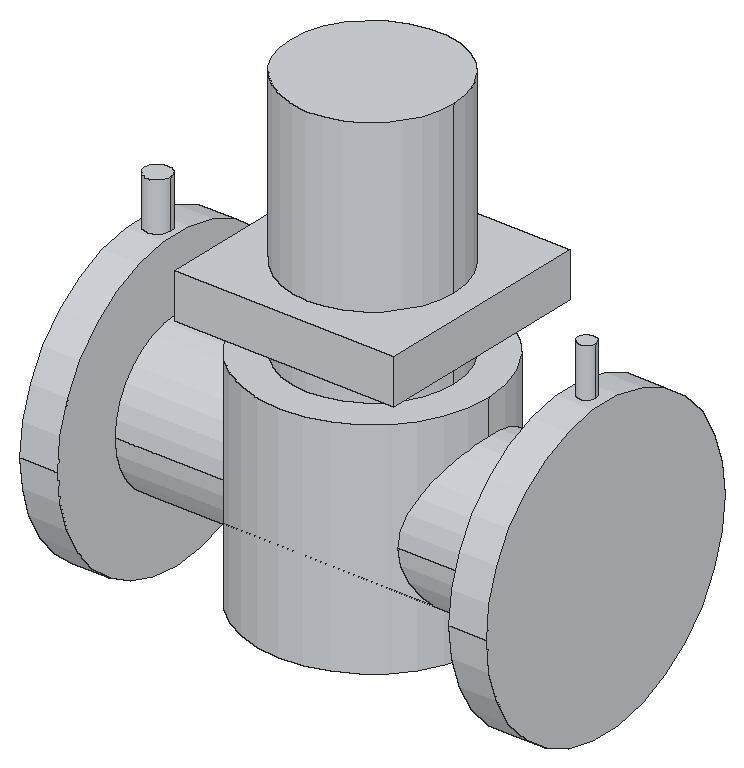
Revit family "PV_Compact_PN16_DN065_(20-100kPa)_RFA_2019", category Pipe Accessories, Revit 2019
Family settings
  Round Connector Dimension = Use Diameter
  Part Type = Valve - Breaks Into
  Work Plane-Based = No
  Always vertical = Yes
  Cut with Voids When Loaded = No
  Shared = No
Parameters (values of type "PV Compact PN16 DN065 (20-100kPa)")
  magiProductId = "4caf92840fdb43d88ad3b460526bbd"
  magiProductFamilyId = "23d1f353e6b1477a88f64fef0dfa1d"
  magiPartTypeId = 304
  isMeasuringValve [instance] = no
  ang2D [instance] = 0.00°
  W2D = 50 mm
  VersionID = "2.0/2018.12.13.2/FRESE_PV_COMPACT_BIG_Q13_001"
  Use Minimum Symbol Size [instance] = no
  URL = "www.hydronic.cz"
  Type Comments = "PŘÍRUBOVÝ; PN16; dpmax=1000kPa; -10~+120°C"
  R4 = 50.75 mm
  R3 = 48.1 mm
  R1 = 72.5 mm
  QmdConnectorList = "301;D;302;D"
  Productdata [instance] = ""
  Manufacturer = "Hydronic Systems Prague s.r.o."
  Maintenance Zone Under Depth [instance] = 100 mm
  Maintenance Zone Right Depth [instance] = 100 mm
  Maintenance Zone Over Depth [instance] = 100 mm
  Maintenance Zone Left Depth [instance] = 100 mm
  Maintenance Zone Front Depth [instance] = 100 mm
  Maintenance Zone Back Depth [instance] = 100 mm
  Maintenance Zone Front Visibility [instance] = no
  MC Use Limits From Balancing Method = no
  MC Throttling Minimum Value = 0
  MC Throttling Maximum Value = 0
  MC Product Code = "53-3303 DN65 PN16; nastavitelný rozsah dp=20~100kPa; Q=4,7~18,8 m3/h;  kvs=42"
  MC Pressure Drop Minimum Value = 0.0 Pa
  MC Pressure Drop Maximum Value = 0.0 Pa
  MC Piping Given Pressure Drop [instance] = 0.0 Pa
  LF__ve = -LF  # -23.2 mm
  LF2 = 11.6 mm
  LF = 23.2 mm
  L4 = 136.3 mm
  L3 = 243.6 mm
  L2D_Min = 30.48 mm
  L2D = 230 mm
  L2 = 145 mm
  H6 = 105.25 mm
  H4 = 27.75 mm
  H3 = 23.125 mm
  H2 = 69.375 mm
  H1 = 138.75 mm
  Description = "Nastavitelný regulátor tlakové diference"
  DF2 = 92.5 mm
  D = 65 mm
  Clearance Zone Height Depth [instance] = 100 mm
  Clearance Zone Circular Radius [instance] = 145 mm
  Clearance Zone Visibility [instance] = no
  CAT0 = yes
Types (7, lengths in mm): name | magiProductId | Type Comments | R4 | R3 | R1 | MC Product Code | LF__ve | LF2 | LF | L4 | L3 | L2 | H6 | H4 | H3 | H2 | H1 | DF2 | D | Clearance Zone Circular Radius
  PV Compact PN16 DN050 (20-100kPa) | "00877ad72a9f485bb97ca64af9b4c2" | "PŘÍRUBOVÝ; PN16; dpmax=1000kPa; -10~+120°C" | 40.25 | 42.9 | 57.5 | "53-3300 DN50 PN16; nastavitelný rozsah dp=20~100kPa; Q=3,2~13 m3/h;  kvs=29" | -18.4 | 9.2 | 18.4 | 108.1 | 193.2 | 115 | 82.25 | 24.75 | 20.625 | 61.875 | 123.75 | 82.5 | 50 | 115
  PV Compact PN16 DN065 (20-100kPa) | "4caf92840fdb43d88ad3b460526bbd" | "PŘÍRUBOVÝ; PN16; dpmax=1000kPa; -10~+120°C" | 50.75 | 48.1 | 72.5 | "53-3303 DN65 PN16; nastavitelný rozsah dp=20~100kPa; Q=4,7~18,8 m3/h;  kvs=42" | -23.2 | 11.6 | 23.2 | 136.3 | 243.6 | 145 | 105.25 | 27.75 | 23.125 | 69.375 | 138.75 | 92.5 | 65 | 145
  PV Compact PN16 DN080 (20-100kPa) | "fe1ae4728650433e927a6ac465ecb1" | "PŘÍRUBOVÝ; PN16; dpmax=1000kPa; -10~+120°C" | 54.25 | 52 | 77.5 | "53-3306 DN80 PN16; nastavitelný rozsah dp=20~100kPa; Q=7,5~30 m3/h;  kvs=67" | -24.8 | 12.4 | 24.8 | 145.7 | 260.4 | 155 | 141 | 30 | 25 | 75 | 150 | 100 | 80 | 155
  PV Compact PN16 DN100 (20-100kPa) | "9ee8abb4b353443d9e820e5bd3bf33" | "PŘÍRUBOVÝ; PN16; dpmax=1000kPa; -10~+120°C" | 61.25 | 61.1 | 87.5 | "53-3309 DN100 PN16; nastavitelný rozsah dp=20~100kPa; Q=12,9~51,4 m3/h;  kvs=115" | -28 | 14 | 28 | 164.5 | 294 | 175 | 234.75 | 35.25 | 29.375 | 88.125 | 176.25 | 117.5 | 100 | 175
  PV Compact PN16 DN125 (20-100kPa) | "e22e3bcdfcda477085ce507150ab41" | "PŘÍRUBOVÝ; PN16; dpmax=1000kPa; -10~+120°C" | 70 | 70.2 | 100 | "53-3312 DN125 PN16; nastavitelný rozsah dp=20~100kPa; Q=19,0~76,0 m3/h;  kvs=170" | -32 | 16 | 32 | 188 | 336 | 200 | 225.5 | 40.5 | 33.75 | 101.25 | 202.5 | 135 | 125 | 200
  PV Compact PN16 DN150 (20-100kPa) | "c042f62d475c462ea84624600fc620" | "PŘÍRUBOVÝ; PN16; dpmax=1000kPa; -10~+120°C" | 84 | 74.1 | 120 | "53-3315 DN150 PN16; nastavitelný rozsah dp=20~100kPa; Q=28,0~112 m3/h;  kvs=250" | -38.4 | 19.2 | 38.4 | 225.6 | 403.2 | 240 | 256.25 | 42.75 | 35.625 | 106.875 | 213.75 | 142.5 | 150 | 240
  PV Compact PN16 DN200 (20-100kPa) | "073b87d1a570497386745af6d59d88" | "PŘÍRUBOVÝ; PN16; dpmax=1000kPa; -10~+110°C" | 105 | 98.8 | 150 | "53-3318 DN200 PN16; nastavitelný rozsah dp=20~100kPa; Q=30,7~123 m3/h;  kvs=275" | -48 | 24 | 48 | 282 | 504 | 300 | 150 | 57 | 47.5 | 142.5 | 285 | 190 | 200 | 300
Reference planes
  plane 1 "Center (Front/Back)": y = 0
  plane 2 "XYPLANE": z = 0
  plane 3 "Center (Left/Right)": x = 0
  plane 4 "257": y = -92.5
  plane 5 "256": y = 92.5
  plane 6 "255": z = -92.5
  plane 7 "254": y = -192.5
  plane 8 "253": y = 192.5
  plane 9 "252": x = -245
  plane 10 "251": x = 245
  plane 11 "250": z = 325.5
  plane 12 "249": z = -192.5
  plane 13 "248": z = 325.5
  plane 14 "247": z = 225.5
  plane 15 "157": x = 133.4
  plane 16 "156": x = -133.4
  plane 17 "155": z = 92.5
  plane 18 "154": z = 120.25
  plane 19 "153": z = 92.5
  plane 20 "152": z = 69.375
  plane 21 "151": x = -121.8
  plane 22 "150": z = -69.375
  plane 23 "149": x = 0
  plane 24 "148": y = 0
  plane 25 "147": z = 0
  plane 26 "146": x = -145
  plane 27 "145": x = 145
Forms (mm)
  Blend 1, solid, visible <- "Maintenance Zone Front Visibility"
    base sketch origin (-750, 0, -192.5) x (1, 0, 0) y (0, 1, 0)
      loop
        line (505, 192.5) -> (505, -192.5) -> (995, -192.5) -> (995, 192.5) -> (505, 192.5)
    top sketch origin (-750, 0, -192.5) x (1, 0, 0) y (0, 1, 0)
      loop
        line (505, 192.5) -> (505, -192.5) -> (995, -192.5) -> (995, 192.5) -> (505, 192.5)
    from 0 to 518
  Blend 2, solid, visible <- "Clearance Zone Visibility"
    base sketch origin (-750, 0, 0) x (1, 0, 0) y (0, 1, 0)
      loop
        circle (750, 0) r 145
    top sketch origin (-750, 0, 0) x (1, 0, 0) y (0, 1, 0)
      loop
        circle (750, 0) r 145
    from 0 to 325.5
  Extrusion 3, solid, visible <- "CAT0"
    sketch origin (-750, 0, 92.5) x (1, 0, 0) y (0, 1, 0)
      loop
        circle (883.4, 0) r 5.5
    from 0 to 30
  Extrusion 4, solid, visible <- "CAT0"
    sketch origin (-750, 0, 92.5) x (1, 0, 0) y (0, 1, 0)
      loop
        circle (616.6, 0) r 7.9
    from 0 to 30
  Extrusion 5, solid
    sketch origin (-750, 0, 120.25) x (1, 0, 0) y (0, 1, 0)
      loop
        circle (750, 0) r 50.75
    from 0 to 105.25 <- "H6"
  Extrusion 6, solid, visible <- "CAT0"
    sketch origin (-750, 0, 92.5) x (1, 0, 0) y (0, 1, 0)
      loop
        line (818.15, 68.15) -> (681.85, 68.15) -> (681.85, -68.15) -> (818.15, -68.15) -> (818.15, 68.15)
    from 0 to 27.75 <- "H4"
  Extrusion 7, solid, visible <- "CAT0"
    sketch origin (-750, 0, 69.375) x (1, 0, 0) y (0, 1, 0)
      loop
        circle (750, 0) r 50.75
    from 0 to 23.125 <- "H3"
  Extrusion 8, solid, visible <- "CAT0"
    sketch origin (-121.8, -750, 0) x (0, 1, 0) y (0, 0, 1)
      loop
        circle (750, 0) r 48.1
    from 0 to 243.6 <- "L3"
  Extrusion 9, solid, visible <- "CAT0"
    sketch origin (-750, 0, -69.375) x (1, 0, 0) y (0, 1, 0)
      loop
        circle (750, 0) r 72.5
    from 0 to 138.75 <- "H1"
  Extrusion 10, solid, visible <- "CAT0"
    sketch origin (-145, -750, 0) x (0, 1, 0) y (0, 0, 1)
      loop
        circle (750, 0) r 92.5
    from 0 to 23.2 <- "LF"
  Extrusion 11, solid, visible <- "CAT0"
    sketch origin (145, -750, 0) x (0, 1, 0) y (0, 0, 1)
      loop
        circle (750, 0) r 92.5
    from 0 to -23.2 <- "LF__ve"
  Extrusion 12, solid, not visible
    sketch origin (-145, -750, 0) x (0, 1, 0) y (0, 0, 1)
      loop
        circle (750, 0) r 10
    from 0 to 10
  Extrusion 13, solid, not visible
    sketch origin (145, -750, 0) x (0, 1, 0) y (0, 0, 1)
      loop
        circle (750, 0) r 10
    from 0 to -10
Lines and regions (mm)
  reference lines, not visible
    curve 1: circle (2, 2, 0) r 1 normal (0, 0, 1)
  reference lines
    curve 2: circle (0, 0, 92.5) r 1 normal (0, 0, 1)
Dimensions and locks
  plane 1 "Center (Front/Back)" to curve 1 = 2 mm
  "DF2": plane 24 "148" to plane 4 "257"
  "DF2": plane 24 "148" to plane 5 "256"
  "DF2": plane 25 "147" to plane 6 "255"
  "Maintenance Zone Front Depth": plane 4 "257" to plane 7 "254"
  "Maintenance Zone Back Depth": plane 5 "256" to plane 8 "253"
  "Maintenance Zone Left Depth": plane 26 "146" to plane 9 "252"
  "Maintenance Zone Right Depth": plane 27 "145" to plane 10 "251"
  "Maintenance Zone Over Depth": plane 14 "247" to plane 11 "250"
  "Maintenance Zone Under Depth": plane 6 "255" to plane 12 "249"
  "Clearance Zone Height Depth": plane 14 "247" to plane 13 "248"
  "H6": plane 18 "154" to plane 14 "247"
  "LF2": plane 27 "145" to plane 15 "157"
  "LF2": plane 26 "146" to plane 16 "156"
  "DF2": plane 2 "XYPLANE" to plane 17 "155"
  "H4": plane 19 "153" to plane 18 "154"
  "H3": plane 20 "152" to plane 19 "153"
  "H1": plane 22 "150" to plane 20 "152"
  "LF": plane 26 "146" to plane 21 "151"
  "H2": plane 2 "XYPLANE" to plane 22 "150"
  locked: plane 3 "Center (Left/Right)" to plane 23 "149"
  locked: plane 1 "Center (Front/Back)" to plane 24 "148"
  locked: plane 2 "XYPLANE" to plane 25 "147"
  "L2": plane 3 "Center (Left/Right)" to plane 26 "146"
  "L2": plane 3 "Center (Left/Right)" to plane 27 "145"
  Blend 1 sketch curve to Blend 1 sketch curve = 0 mm  (x16)
  equal spacing: Extrusion 6 sketch curve, curve 2, Extrusion 6 sketch curve  (x2)
  "L4": Extrusion 6 sketch curve to Extrusion 6 sketch curve  (x2)
  Extrusion 6 sketch curve to Extrusion 6 sketch curve = 0 mm  (x8)
  "Clearance Zone Circular Radius": radius of Blend 2 sketch curve  (x2)
  "R4": radius of Extrusion 5 sketch curve
  "R4": radius of Extrusion 7 sketch curve
  "R3": radius of Extrusion 8 sketch curve
  "R1": radius of Extrusion 9 sketch curve
  "DF2": radius of Extrusion 10 sketch curve
  "DF2": radius of Extrusion 11 sketch curve
  aligned and locked: level to plane 2 "XYPLANE"
  aligned and locked: Blend 1 sketch curve to plane 8 "253"  (x2)
  aligned and locked: plane 9 "252" to Blend 1 sketch curve  (x4)
  aligned and locked: plane 10 "251" to Blend 1 sketch curve  (x4)
  aligned and locked: plane 8 "253" to Blend 1 sketch curve  (x2)
  aligned and locked: plane 7 "254" to Blend 1 sketch curve  (x4)
  aligned and locked: plane 11 "250" to Blend 1
  aligned and locked: plane 23 "149" to Blend 2 sketch curve  (x2)
  aligned and locked: plane 24 "148" to Blend 2 sketch curve  (x2)
  aligned and locked: plane 13 "248" to Blend 2
  aligned and locked: plane 15 "157" to Extrusion 3 sketch curve
  aligned and locked: plane 24 "148" to Extrusion 3 sketch curve
  aligned and locked: plane 16 "156" to Extrusion 4 sketch curve
  aligned and locked: plane 24 "148" to Extrusion 4 sketch curve
  aligned and locked: plane 23 "149" to Extrusion 5 sketch curve
  aligned and locked: plane 24 "148" to Extrusion 5 sketch curve
  aligned and locked: plane 23 "149" to curve 2
  aligned and locked: plane 24 "148" to curve 2
  aligned and locked: plane 23 "149" to Extrusion 7 sketch curve
  aligned and locked: plane 24 "148" to Extrusion 7 sketch curve
  aligned and locked: Extrusion 8 sketch curve to plane 24 "148"
  aligned and locked: plane 25 "147" to Extrusion 8 sketch curve
  aligned and locked: plane 23 "149" to Extrusion 9 sketch curve
  aligned and locked: plane 24 "148" to Extrusion 9 sketch curve
  aligned and locked: Extrusion 10 sketch curve to plane 24 "148"
  aligned and locked: plane 25 "147" to Extrusion 10 sketch curve
  aligned and locked: Extrusion 11 sketch curve to plane 24 "148"
  aligned and locked: plane 25 "147" to Extrusion 11 sketch curve
  aligned and locked: Extrusion 12 sketch curve to plane 24 "148"
  aligned and locked: plane 25 "147" to Extrusion 12 sketch curve
  aligned and locked: Extrusion 13 sketch curve to plane 24 "148"
  aligned and locked: plane 25 "147" to Extrusion 13 sketch curve
Automatic sketch dimensions
  Extrusion 3 sketch curve to plane 15 "157" = 5.5 mm
  plane 26 "146" to Extrusion 4 sketch curve = 3.7 mm
  plane 1 "Center (Front/Back)" to Extrusion 12 sketch curve = 10 mm
  plane 1 "Center (Front/Back)" to Extrusion 13 sketch curve = 10 mm
  plane 3 "Center (Left/Right)" to curve 1 = 2 mm
  Extrusion 6 sketch curve to plane 5 "256" = 24.35 mm
  plane 21 "151" to Extrusion 6 sketch curve = 53.65 mm
  radius of curve 2 = 1 mm
  radius of curve 1 = 1 mm
Connectors
  piping at (-145, 0, 0), diameter 65, driven by "D"
    settings: on Extrusion 12, index 1, connector inside diameter 609.6 mm, connector length 0 mm, flow factor 0, pipe flow 0.0 L/s, pressure drop 0.0 Pa, fitting loss kfactor 0, connector angle 0.00°, fixture units 0, engagement length 0 mm, angle of deflection 0.00°, flow configuration 0, flow direction 0, fitting loss method 0, system type 29, joint type 0, gender type 0, connector reference index 2, connector utility 0, adjustable connector no, is connector primary yes, connector description ""
  piping at (145, 0, 0), diameter 65, driven by "D"
    settings: on Extrusion 13, index 2, connector inside diameter 609.6 mm, connector length 0 mm, flow factor 0, pipe flow 0.0 L/s, pressure drop 0.0 Pa, fitting loss kfactor 0, connector angle 0.00°, fixture units 0, engagement length 0 mm, angle of deflection 0.00°, flow configuration 0, flow direction 0, fitting loss method 0, system type 29, joint type 0, gender type 0, connector reference index 1, connector utility 0, adjustable connector no, is connector primary no, connector description ""
